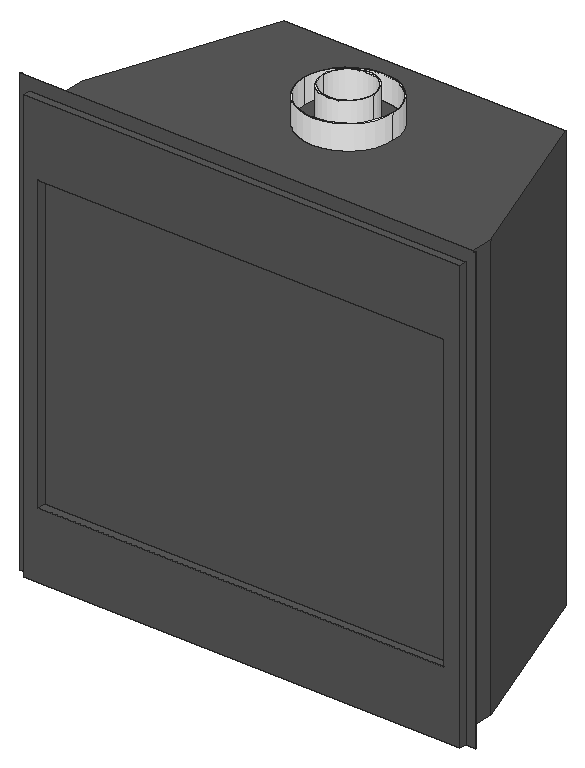
Revit family "H34DF - HL34DF - HC34DF", category Generic Models, Revit 2019
Family settings
  Can host rebar = No
  Round Connector Dimension = Use Diameter
  Part Type = Normal
  Work Plane-Based = No
  Always vertical = Yes
  Cut with Voids When Loaded = No
  Shared = No
  Room Calculation Point = No
Parameters
  Width = 12 5/16"
  URL = "https://www.montigo.com/"
  Model = ""
  Manufacturer Fax = ""
  Manufacturer Website = "https://www.montigo.com/"
  Manufacturer Phone - Toll Free = "800-378-3115"
  Manufacturer Phone = ""
  Manufacturer Address = "27342 Gloucester Way  Langley, BC, Canada   V4W 4A1"
  Manufacturer = "Montigo"
  Length = 53 7/16"
  Keynote = ""
  Glazing Tint = Glass - Montigo - Tint as Specified
  Frame Material = Metal - Montigo - Black
  Firebox Material = Metal - Montigo - White
  Fire Place Length = 50 5/16"
  Fire Place Height = 24 1/2"
  Fire Place - Opening = 16 9/16"
  Description = "Montigo Fireplace as Specified"
  Base Height = 6 9/16"
Reference planes (in)
  plane 1 "Center (Front/Back)": y = 0
  plane 2: z = 0
  plane 3 "Center (Left/Right)": x = 0
  plane 4: z = 5.25
  plane 5: z = 28
Forms (in)
  Extrusion 1, solid, material "Metal - Montigo - Black" <- "Frame Material"
    sketch origin (0, -46.333, 0) x (1, 0, 0) y (0, 1, 0)
      loop
        line (-15.78358, 46.333) -> (15.8149, 46.333) -> (15.8149, 50.07113) -> (10.93174, 63.4875) -> (-10.93174, 63.4875) -> (-15.81586, 50.06849) -> (-15.78358, 46.333)
    from 0 to 33
  Extrusion 2, solid, material "Metal - Montigo - Black" <- "Frame Material"
    sketch origin (0, -46.333, 0) x (1, 0, 0) y (0, 1, 0)
      loop
        line (17.6855, 46.363) -> (-17.6855, 46.363) -> (-17.6855, 46.33175) -> (17.6855, 46.33175) -> (17.6855, 46.363)
    from 0 to 34.5
  Extrusion 3, solid, material "Metal - Montigo - Black" <- "Frame Material"
    sketch origin (0, -46.333, 0) x (1, 0, 0) y (0, 1, 0)
      loop
        line (16.9055, 46.363) -> (-16.9395, 46.363) -> (-16.9395, 45.739) -> (16.9055, 45.739) -> (16.9055, 46.363)
    from 0 to 33.5
  Extrusion 4, void
    sketch origin (42.25, -6.4375, 0) x (-1, 0, 0) y (0, 0, -1)
      loop
        line (58.03358, -28) -> (58.03358, -5.25) -> (26.5625, -5.25) -> (26.5625, -28) -> (58.03358, -28)
    from -5.8435 to -10.08222
Cuts and joins
  Extrusion 4 cuts Extrusion 3
  joined: Extrusion 1, Extrusion 2, Extrusion 3
Dimensions and locks (in)
  plane 1 "Center (Front/Back)" to Extrusion 1 = 17.1545"
  plane 5 to plane 4 to level = 22 3/4", 5 1/4"  (x2)
  nested 4 to level = 25 11/16"
  cut or joined group of Extrusion 1, Extrusion 2, Extrusion 3, Extrusion 4 to nested 1 = 7 7/16"
  aligned and locked: level to plane 2
  aligned and locked: nested 2 to nested 1
  aligned and locked: nested 1 to plane 3 "Center (Left/Right)"
  aligned and locked: nested 2 to plane 3 "Center (Left/Right)"
  aligned and locked: nested 4 to plane 3 "Center (Left/Right)"
  aligned and locked: nested 3 to plane 3 "Center (Left/Right)"
Nested families (in)
  nested 1: "Duct Dia" at (0, 9.717, 33) x (-1, 0, 0) z (0, 0, 1), type "4""
    with Intake Duct Dia 4", Intake Diameter 3 7/8", Height 2 5/8"
  nested 2: "Duct Dia" at (0, 9.717, 33) x (-1, 0, 0) z (0, 0, 1), type "7""
    with Intake Duct Dia 7", Intake Diameter 6 7/8", Height 1 7/8"
  nested 3: "Duct Dia" at (0, 17.1545, 25.6875) x (-1, 0, 0) z (0, 1, 0), type "4""
    with Intake Duct Dia 4", Intake Diameter 3 7/8", Height 2 5/8"
  nested 4: "Duct Dia" at (0, 17.1545, 25.6875) x (-1, 0, 0) z (0, 1, 0), type "7""
    with Intake Duct Dia 7", Intake Diameter 6 7/8", Height 1 7/8"
Connectors (in)
  hvac at (0, 9.717, 35.625)
    settings: on nested 1, index 8, duct flow 0.0 L/s, flow factor 0, pres drop 0.0 Pa, loss coef 0, conn angle 0.00°, conn width 304.8 mm, conn height 304.8 mm, conn diameter 101.6 mm, duct sys type 3, conn prof type 0, flow config 0, flow direction 0, loss method 0, conn ref index -1, conn util no, is conn primary yes, conn desc ""
  hvac at (0, 19.7795, 25.6875)
    settings: on nested 3, index 10, duct flow 0.0 L/s, flow factor 0, pres drop 0.0 Pa, loss coef 0, conn angle 0.00°, conn width 304.8 mm, conn height 304.8 mm, conn diameter 101.6 mm, duct sys type 3, conn prof type 0, flow config 0, flow direction 0, loss method 0, conn ref index -1, conn util no, is conn primary no, conn desc ""
  hvac at (0, 19.0295, 25.6875)
    settings: on nested 4, index 11, duct flow 0.0 L/s, flow factor 0, pres drop 0.0 Pa, loss coef 0, conn angle 0.00°, conn width 304.8 mm, conn height 304.8 mm, conn diameter 177.8 mm, duct sys type 3, conn prof type 0, flow config 0, flow direction 0, loss method 0, conn ref index -1, conn util no, is conn primary no, conn desc ""
Definition of nested family "Duct Dia"
  Parameters (values of type "15 7/8" Dia.")
    Intake Duct Dia = 15 7/8"
    Intake Diameter = Intake Duct Dia - 1/8"  # 15 3/4"
    Height = 4"
    Firebox Material = none
    Default Elevation = 48"
  Types (12): name | Intake Duct Dia | Intake Diameter | Height
    9 7/8" Dia. | 9 7/8" | 9 3/4" | 4"
    7 7/8" Dia | 7 7/8" | 7 3/4" | 4"
    8 1/8" Dia | 8 1/8" | 8" | 1/4"
    11 3/4" Dia | 11 3/4" | 11 5/8" | 4"
    4" Dia | 10" | 9 7/8" | 4"
    7 3/4" Dia | 7 3/4" | 7 5/8" | 4"
    6 7/8" Dia | 6 7/8" | 6 3/4" | 1/4"
    9 3/4" Dia. | 9 3/4" | 9 5/8" | 4"
    7 1/8" Dia | 7 1/8" | 7" | 1/4"
    11 7/8" Dia. | 11 7/8" | 11 3/4" | 4"
    13 7/8" Dia. | 13 7/8" | 13 3/4" | 4"
    15 7/8" Dia. | 15 7/8" | 15 3/4" | 4"
  Reference planes (in)
    plane 1 "Center (Front/Back)": y = 0
    plane 2: z = 0
    plane 3 "Center (Left/Right)": x = 0
    plane 4: z = 4
  Forms (in)
    Extrusion 1, solid
      sketch origin (0, 0, 0) x (1, 0, 0) y (0, 1, 0)
        loop
          line (-48, 48) -> (-48, -48) -> (48, -48) -> (48, 48) -> (-48, 48)
      from 0 to -12
    Extrusion 2, solid, material <- "Firebox Material"
      sketch origin (0, 0, 0) x (1, 0, 0) y (0, 1, 0)
        loop
          circle (0, 0) r 7.9375
        loop
          circle (0, 0) r 7.875
      from 0 to 4
  Dimensions and locks (in)
    "Height": plane 4 to level
    "Intake Duct Dia": diameter of Extrusion 2 sketch curve
    "Intake Diameter": diameter of Extrusion 2 sketch curve
    aligned and locked: plane 2 to Extrusion 1
    aligned and locked: level to Extrusion 1
    aligned and locked: plane 4 to Extrusion 2
  Automatic sketch dimensions
    Extrusion 1 sketch curve to Extrusion 1 sketch curve = 96"  (x2)
    Extrusion 2 sketch curve to Extrusion 2 sketch curve = 0"  (x2)
    plane 1 "Center (Front/Back)" to Extrusion 2 sketch curve = 0"
    Extrusion 2 sketch curve to plane 3 "Center (Left/Right)" = 0"
